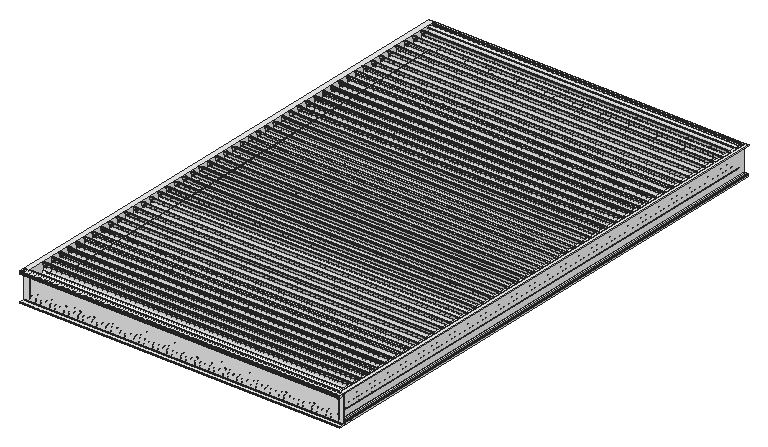
Revit family "Pottorff_EDV-545-MD_R20", category Mechanical Equipment, host Face, Revit 2020
Family settings
  Host = Face
  Round Connector Dimension = Use Diameter
  Part Type = Normal
  Cut with Voids When Loaded = No
  Shared = No
  Room Calculation Point = No
Parameters (values of type "60" x 96"")
  Width Control = if(Width < Minimum Width, Minimum Width, (if(Width > Maximum Width, Maximum Width, Width)))  # 60"
  Width = 60"
  Wall Depth [instance] = 18"
  Offset_Vertical = 1"  # constant formula
  Velocity @ .15 in.wg. Pressure Loss = "666 fpm"  # constant formula
  URL = "https://www.pottorff.com/"
  Pressure Loss = ".55 in. wg"  # constant formula
  Screen = "1/2'' x 0.063'' expanded and flattened aluminum."  # constant formula
  Product URL = ""
  Revit Components [instance] = "www.commensestudio.com"
  Offset_Top = 2 3/8"  # constant formula
  Offset_Bottom = 1"  # constant formula
  Mullion = "Visible"  # constant formula
  Modeled By = "Commense Studio"  # constant formula
  Model = "EDV-545-MD"  # constant formula
  Minimum Width = 12"  # constant formula
  Minimum Height = 12"  # constant formula
  Maximum Width = 60"  # constant formula
  Maximum Height = 96"  # constant formula
  Louver Placement from Face [instance] = 1"
  Height Control = if(Height < Minimum Height, Minimum Height, (if(Height > Maximum Height, Maximum Height, Height)))  # 96"
  Free Area Velocity = "1250 fpm"  # constant formula
  Free Area (48" x 48") = "8.03 ft² 50.2%"  # constant formula
  Design Load = "100 psf"  # constant formula
  Blades (Front) = "45° x .08'' thick horizontal J style."  # constant formula
  Blade Height = Height Control - 2"  # 94"
  Array Control_V = (Width Control - 2 * Offset_Vertical) / 7/8"  # 66
  Air Volume Delivered = "10,038 cfm"  # constant formula
  Material = "Mill finish 6005A-T5 extruded aluminum."  # constant formula
  Manufacturer = "Pottorff"  # constant formula
  Aluminum [instance] = Aluminum
  Blade Width = Width Control - (2 * Offset_Vertical)  # 58"
  Frame = "5-3/8'' deep x 0.081'' thick channel."  # constant formula
  Description = "The EDV-545-MD dual-module louver is engineered and tested to withstand extreme loads, debris impact, and cyclic fatigue associated with the severe weather effects of hurricanes (Miami-Dade County approval NOA No. 22-0118.04) while maintaining maximum water infiltration resistance at a minimum louver depth. The front (exterior) side of the louver features horizontal J-style blades for a pleasant architectural appearance. The (interior) side features vertical chevron blades which provide superior resistance to wind-driven rain. For installation, the EDV-545-MD offers a continuous angle. The EDV-545-MD is AMCA 540 and 550 listed, making it ideally suited for use in hurricane-prone and wind-borne debris regions as per the International Building Code."  # constant formula
  Height = 120"
  Depth = 5 3/8"  # constant formula
  Default Elevation = 0"
  Blades (Rear) = "45° x .05'' thick vertical chevron style."  # constant formula
  Assembly Code = "B3020300"
  Array Control 2 = if(Array Control_H < 2, 2, Array Control_H)  # 47
  Array Control_H = (Height Control - 5 3/8") / 1 15/16"  # 47
Types (2): name | Width Control | Width | Wall Depth | Height Control | Blade Height | Array Control_V | Blade Width | Height | Array Control 2 | Array Control_H
  60" x 96" | 60" | 60" | 18" | 96" | 94" | 66 | 58" | 120" | 47 | 47
  30" x 48" | 36" | 36" | 12" | 48" | 46" | 39 | 34" | 48" | 22 | 22
Reference planes (in)
  plane 1 "Center (Front/Back)": y = 0
  plane 2: z = 0
  plane 3 "Center (Left/Right)": x = 0
  plane 4 "L": x = -30
  plane 5 "R": x = 30
  plane 6 "B": y = 48
  plane 7 "F": y = -48
  plane 8 "Framing Sweeps": z = -1
  plane 9: x = -29
  plane 10: x = 29
  plane 11 "blade": z = -1
  plane 12 "Blade": y = -47
  plane 13: y = 45.625
  plane 14: z = -6.375
  plane 15: z = -18
  plane 16: y = -45.0625
  plane 17 "rear blade": z = -3.49792
Forms (in)
  Sweep 1, solid, material "Aluminum" <- "Aluminum"
    path origin (0, 0, -1) x (-1, 0, 0) y (0, -1, 0)
      loop
        line (30, 48) -> (-30, 48)
    profile "Profile - EDV_Horiz : 5 3/8 x 1" origin (0, -48, -1) x (0, 1, 0) y (0, 0, 1)
      loop
        line (0.90625, -0.21875) -> (0.90625, -5.15625)
        arc (0.90625, -5.15625) -> (0.86964, -5.24464) -> (0.78125, -5.28125) r 0.125
        line (0.78125, -5.28125) -> (0, -5.28125) -> (0, -5.375) -> (4.5, -5.375) -> (4.5, -5.28125) -> (1, -5.28125) -> (1, 0) -> (0, 0) -> (0, -0.18652)
        arc (0, -0.18652) -> (0.04688, -0.2334) -> (0.09375, -0.18652) r 0.04688
        line (0.09375, -0.18652) -> (0.13839, -0.18652)
        arc (0.13839, -0.18652) -> (0.16438, -0.177) -> (0.17806, -0.15294) r 0.04022
        arc (0.17806, -0.15294) -> (0.24283, -0.09809) -> (0.30767, -0.15286) r 0.06571
        arc (0.30767, -0.15286) -> (0.32142, -0.17698) -> (0.34748, -0.18652) r 0.04038
        line (0.34748, -0.18652) -> (0.40625, -0.18652) -> (0.40625, -0.25857)
        arc (0.40625, -0.25857) -> (0.39527, -0.28813) -> (0.36766, -0.30338) r 0.04531
        arc (0.36766, -0.30338) -> (0.31358, -0.32152) -> (0.26898, -0.35707) r 0.16416
        line (0.26898, -0.35707) -> (0.09333, -0.35707)
        arc (0.09333, -0.35707) -> (0.04374, -0.31656) -> (0, -0.36333) r 0.04688
        line (0, -0.36333) -> (0, -0.51883)
        arc (0, -0.51883) -> (0.04688, -0.5657) -> (0.09375, -0.51883) r 0.04688
        line (0.09375, -0.51883) -> (0.09375, -0.45082) -> (0.30163, -0.45082)
        arc (0.30163, -0.45082) -> (0.31783, -0.44624) -> (0.32924, -0.43386) r 0.03097
        arc (0.32924, -0.43386) -> (0.35083, -0.40862) -> (0.38158, -0.39609) r 0.07041
        arc (0.38158, -0.39609) -> (0.46632, -0.34931) -> (0.5, -0.25857) r 0.13906
        line (0.5, -0.25857) -> (0.5, -0.15625)
        arc (0.5, -0.15625) -> (0.51831, -0.11206) -> (0.5625, -0.09375) r 0.0625
        line (0.5625, -0.09375) -> (0.78125, -0.09375)
        arc (0.78125, -0.09375) -> (0.86964, -0.13036) -> (0.90625, -0.21875) r 0.125
  Sweep 2, solid, material "Aluminum" <- "Aluminum"
    path origin (0, 0, -1) x (-1, 0, 0) y (0, -1, 0)
      loop
        line (29, -48) -> (-29, -48)
    profile "Profile - EDV_Top : 5 3/8 x 1" origin (0, 48, -1) x (0, 1, 0) y (0, 0, 1)
      loop
        arc (-0.90625, -0.85608) -> (-0.88922, -0.7454) -> (-0.83969, -0.64497) r 0.36805
        line (-0.83969, -0.64497) -> (-0.63798, -0.3569)
        arc (-0.63798, -0.3569) -> (-0.55031, -0.31071) -> (-0.46173, -0.35516) r 0.10834
        arc (-0.46173, -0.35516) -> (-0.40573, -0.42465) -> (-0.3204, -0.45082) r 0.15224
        line (-0.3204, -0.45082) -> (-0.16176, -0.45082)
        arc (-0.16176, -0.45082) -> (-0.14184, -0.49891) -> (-0.09375, -0.51883) r 0.06801
        arc (-0.09375, -0.51883) -> (-0.04688, -0.5657) -> (0, -0.51883) r 0.04688
        line (0, -0.51883) -> (0, -0.36333)
        arc (0, -0.36333) -> (-0.04374, -0.31656) -> (-0.09333, -0.35707) r 0.04688
        line (-0.09333, -0.35707) -> (-0.26898, -0.35707)
        arc (-0.26898, -0.35707) -> (-0.31358, -0.32152) -> (-0.36766, -0.30338) r 0.16416
        arc (-0.36766, -0.30338) -> (-0.39527, -0.28813) -> (-0.40625, -0.25857) r 0.04531
        line (-0.40625, -0.25857) -> (-0.40625, -0.18652) -> (-0.34748, -0.18652)
        arc (-0.34748, -0.18652) -> (-0.32142, -0.17698) -> (-0.30767, -0.15286) r 0.04038
        arc (-0.30767, -0.15286) -> (-0.24283, -0.09809) -> (-0.17806, -0.15294) r 0.06571
        arc (-0.17806, -0.15294) -> (-0.16438, -0.177) -> (-0.13839, -0.18652) r 0.04022
        line (-0.13839, -0.18652) -> (-0.09375, -0.18652)
        arc (-0.09375, -0.18652) -> (-0.04688, -0.2334) -> (0, -0.18652) r 0.04688
        line (0, -0.18652) -> (0, 0) -> (-0.38457, 0)
        arc (-0.38457, 0) -> (-0.4892, -0.0256) -> (-0.57018, -0.09662) r 0.22658
        line (-0.57018, -0.09662) -> (-0.91648, -0.5912)
        arc (-0.91648, -0.5912) -> (-0.97863, -0.71721) -> (-1, -0.85608) r 0.4618
        line (-1, -0.85608) -> (-1, -2.15625) -> (-2.01917, -2.15625)
        arc (-2.01917, -2.15625) -> (-1.90418, -2.10434) -> (-1.79223, -2.04617) r 2.28842
        arc (-1.79223, -2.04617) -> (-1.57827, -1.85889) -> (-1.46041, -1.60012) r 0.675
        arc (-1.46041, -1.60012) -> (-1.42546, -1.40157) -> (-1.40685, -1.20083) r 2.46503
        arc (-1.40685, -1.20083) -> (-1.26951, -0.56249) -> (-0.93791, 0) r 2.04442
        line (-0.93791, 0) -> (-1.746, 0) -> (-1.61134, -0.28877)
        arc (-1.61134, -0.28877) -> (-1.55998, -0.24428) -> (-1.56033, -0.17633) r 0.08131
        line (-1.56033, -0.17633) -> (-1.59884, -0.09375) -> (-1.12634, -0.09375)
        arc (-1.12634, -0.09375) -> (-1.38986, -0.61893) -> (-1.50047, -1.196) r 2.13817
        arc (-1.50047, -1.196) -> (-1.51838, -1.3891) -> (-1.552, -1.5801) r 2.37128
        arc (-1.552, -1.5801) -> (-1.65349, -1.80293) -> (-1.83773, -1.9642) r 0.58125
        arc (-1.83773, -1.9642) -> (-2.0618, -2.07245) -> (-2.29667, -2.15464) r 2.19467
        arc (-2.29667, -2.15464) -> (-2.33139, -2.20816) -> (-2.28324, -2.25) r 0.04863
        line (-2.28324, -2.25) -> (-1, -2.25) -> (-1, -5.28125) -> (-2.25, -5.28125) -> (-2.25, -5.375) -> (0, -5.375) -> (0, -5.28125) -> (-0.78125, -5.28125)
        arc (-0.78125, -5.28125) -> (-0.86964, -5.24464) -> (-0.90625, -5.15625) r 0.125
        line (-0.90625, -5.15625) -> (-0.90625, -0.85608)
  Sweep 3, solid, material "Aluminum" <- "Aluminum"
    path origin (0, 0, -1) x (-1, 0, 0) y (0, -1, 0)
      loop
        line (30, -48) -> (30, 47)
    profile "Profile - EDV_Vert : 5 3/8 x 1" origin (-30, 0.5, -1) x (1, 0, 0) y (0, 0, 1)
      loop
        arc (0.875, -4.73668) -> (0.85669, -4.78088) -> (0.8125, -4.79918) r 0.0625
        line (0.8125, -4.79918) -> (0.46875, -4.79918)
        arc (0.46875, -4.79918) -> (0.42456, -4.81749) -> (0.40625, -4.86168) r 0.0625
        line (0.40625, -4.86168) -> (0.40625, -4.92418) -> (0.09375, -4.92418) -> (0.09375, -4.85617)
        arc (0.09375, -4.85617) -> (0.04687, -4.8093) -> (0, -4.85617) r 0.04688
        line (0, -4.85617) -> (0, -5.01167)
        arc (0, -5.01167) -> (0.04374, -5.05844) -> (0.09333, -5.01793) r 0.04688
        line (0.09333, -5.01793) -> (0.40625, -5.01793) -> (0.40625, -5.18848) -> (0.34748, -5.18848)
        arc (0.34748, -5.18848) -> (0.32142, -5.19802) -> (0.30767, -5.22214) r 0.04038
        arc (0.30767, -5.22214) -> (0.24283, -5.27691) -> (0.17806, -5.22206) r 0.06571
        arc (0.17806, -5.22206) -> (0.16438, -5.198) -> (0.13839, -5.18848) r 0.04022
        line (0.13839, -5.18848) -> (0.09375, -5.18848)
        arc (0.09375, -5.18848) -> (0.04687, -5.1416) -> (0, -5.18848) r 0.04688
        line (0, -5.18848) -> (0, -5.375) -> (1, -5.375) -> (1, -5.2037)
        arc (1, -5.2037) -> (0.94085, -5.21556) -> (0.8949, -5.25466) r 0.12026
        arc (0.8949, -5.25466) -> (0.87257, -5.27421) -> (0.84375, -5.28125) r 0.0625
        line (0.84375, -5.28125) -> (0.64062, -5.28125)
        arc (0.64062, -5.28125) -> (0.59643, -5.26294) -> (0.57812, -5.21875) r 0.0625
        line (0.57812, -5.21875) -> (0.57812, -4.92418) -> (1, -4.92418) -> (1, 0) -> (0, 0) -> (0, -0.125) -> (0.75, -0.125)
        arc (0.75, -0.125) -> (0.83839, -0.16161) -> (0.875, -0.25) r 0.125
        line (0.875, -0.25) -> (0.875, -4.73668)
  Sweep 4, solid, material "Aluminum" <- "Aluminum"
    path origin (0, 0, -1) x (-1, 0, 0) y (0, -1, 0)
      loop
        line (-30, -48) -> (-30, 47)
    profile "Profile - EDV_Vert : 5 3/8 x 1" origin (30, 0.5, -1) x (1, 0, 0) y (0, 0, 1)
      loop
        line (-0.875, -4.73668) -> (-0.875, -0.25)
        arc (-0.875, -0.25) -> (-0.83839, -0.16161) -> (-0.75, -0.125) r 0.125
        line (-0.75, -0.125) -> (0, -0.125) -> (0, 0) -> (-1, 0) -> (-1, -4.92418) -> (-0.57813, -4.92418) -> (-0.57813, -5.21875)
        arc (-0.57813, -5.21875) -> (-0.59643, -5.26294) -> (-0.64063, -5.28125) r 0.0625
        line (-0.64063, -5.28125) -> (-0.84375, -5.28125)
        arc (-0.84375, -5.28125) -> (-0.87257, -5.27421) -> (-0.8949, -5.25466) r 0.0625
        arc (-0.8949, -5.25466) -> (-0.94085, -5.21556) -> (-1, -5.2037) r 0.12026
        line (-1, -5.2037) -> (-1, -5.375) -> (0, -5.375) -> (0, -5.18848)
        arc (0, -5.18848) -> (-0.04688, -5.1416) -> (-0.09375, -5.18848) r 0.04688
        line (-0.09375, -5.18848) -> (-0.13839, -5.18848)
        arc (-0.13839, -5.18848) -> (-0.16438, -5.198) -> (-0.17806, -5.22206) r 0.04022
        arc (-0.17806, -5.22206) -> (-0.24283, -5.27691) -> (-0.30767, -5.22214) r 0.06571
        arc (-0.30767, -5.22214) -> (-0.32142, -5.19802) -> (-0.34748, -5.18848) r 0.04038
        line (-0.34748, -5.18848) -> (-0.40625, -5.18848) -> (-0.40625, -5.01793) -> (-0.09333, -5.01793)
        arc (-0.09333, -5.01793) -> (-0.04374, -5.05844) -> (0, -5.01167) r 0.04688
        line (0, -5.01167) -> (0, -4.85617)
        arc (0, -4.85617) -> (-0.04688, -4.8093) -> (-0.09375, -4.85617) r 0.04688
        line (-0.09375, -4.85617) -> (-0.09375, -4.92418) -> (-0.40625, -4.92418) -> (-0.40625, -4.86168)
        arc (-0.40625, -4.86168) -> (-0.42456, -4.81749) -> (-0.46875, -4.79918) r 0.0625
        line (-0.46875, -4.79918) -> (-0.8125, -4.79918)
        arc (-0.8125, -4.79918) -> (-0.85669, -4.78088) -> (-0.875, -4.73668) r 0.0625
  Extrusion 5, void
    sketch origin (10.61611, 0, 0) x (0, 0, 1) y (0, -1, 0)
      loop
        line (0, 48) -> (-18, 48) -> (-18, -48) -> (0, -48) -> (0, 48)
    from -40.61611 to 19.38389
Cuts and joins
  joined: Sweep 1, Sweep 3, Sweep 4
Lines and regions (in)
  symbolic lines
    curve 1: line (-30, 48, -1) -> (30, 48, -1)
    curve 2: line (-30, -48, -1) -> (-30, 48, -1)
    curve 3: line (30, -48, -1) -> (-30, -48, -1)
    curve 4: line (30, 48, -1) -> (30, -48, -1)
    curve 5: line (-29.5, 47.5, -1) -> (29.5, 47.5, -1)
    curve 6: line (29.5, 47.5, -1) -> (29.5, -47.5, -1)
    curve 7: line (29.5, -47.5, -1) -> (-29.5, -47.5, -1)
    curve 8: line (-29.5, -47.5, -1) -> (-29.5, 47.5, -1)
Dimensions and locks (in)
  equal spacing: plane 4 "L", plane 3 "Center (Left/Right)", plane 5 "R"
  "Width Control": plane 4 "L" to plane 5 "R"
  equal spacing: plane 7 "F", plane 1 "Center (Front/Back)", plane 6 "B"
  "Height Control": plane 7 "F" to plane 6 "B"
  "Louver Placement from Face": level to plane 8 "Framing Sweeps"
  "Offset_Vertical": plane 4 "L" to plane 9
  "Offset_Vertical": plane 10 to plane 5 "R"
  "Offset_Bottom": plane 7 "F" to plane 12 "Blade"
  "Offset_Top": plane 13 to plane 6 "B"
  plane 8 "Framing Sweeps" to plane 11 "blade" = 0"
  "Wall Depth": level to plane 15
  "Depth": plane 8 "Framing Sweeps" to plane 14
  plane 12 "Blade" to plane 13 = 92 5/8"
  locked: plane 12 "Blade" to plane 16 at 1.9375
  equal spacing: group 1, group 3, group 4, group 5, group 6, group 7, group 8, group 9, group 10, group 11, group 12, group 13, group 14, group 15, group 16, group 17, group 18, group 19, group 20, group 21, group 22, group 23, group 24, group 25, group 26, group 27, group 28, group 29, group 30, group 31, group 32, group 33, group 34, group 35, group 36, group 37, group 38, group 39, group 40, group 41, group 42, group 43, group 44, group 45, group 46, group 47, group 2  (x3)
  locked: plane 17 "rear blade" to plane 11 "blade" at 2.49792
  equal spacing: group 49, group 113, group 112, group 111, group 110, group 109, group 108, group 107, group 106, group 105, group 104, group 103, group 102, group 101, group 100, group 99, group 98, group 97, group 96, group 95, group 94, group 93, group 92, group 91, group 90, group 89, group 88, group 87, group 86, group 85, group 84, group 83, group 82, group 81, group 80, group 79, group 78, group 77, group 76, group 75, group 74, group 73, group 72, group 71, group 70, group 69, group 68, group 67, group 66, group 65, group 64, group 63, group 62, group 61, group 60, group 59, group 58, group 57, group 56, group 55, group 54, group 53, group 52, group 51, group 50, group 48
  equal spacing: group 48, group 50, group 51, group 52, group 53, group 54, group 55, group 56, group 57, group 58, group 59, group 60, group 61, group 62, group 63, group 64, group 65, group 66, group 67, group 68, group 69, group 70, group 71, group 72, group 73, group 74, group 75, group 76, group 77, group 78, group 79, group 80, group 81, group 82, group 83, group 84, group 85, group 86, group 87, group 88, group 89, group 90, group 91, group 92, group 93, group 94, group 95, group 96, group 97, group 98, group 99, group 100, group 101, group 102, group 103, group 104, group 105, group 106, group 107, group 108, group 109, group 110, group 111, group 112, group 113, group 49  (x2)
  aligned and locked: plane 2 to host face
  aligned and locked: level to host face
  aligned and locked: plane 6 "B" to Sweep 2 sketch curve
  aligned and locked: Sweep 4 sketch curve to plane 5 "R"
  aligned and locked: plane 9 to Sweep 2 sketch curve
  aligned and locked: Sweep 2 sketch curve to plane 10
  aligned and locked: plane 15 to Extrusion 5
  aligned and locked: plane 7 "F" to Extrusion 5
  aligned and locked: Extrusion 5 to plane 4 "L"
  aligned and locked: plane 5 "R" to Extrusion 5
  aligned and locked: plane 12 "Blade" to Sweep 3 sketch curve
  aligned and locked: plane 12 "Blade" to Sweep 4 sketch curve
  aligned and locked: nested 1 to plane 16
  aligned and locked: plane 11 "blade" to nested 1
  aligned and locked: plane 13 to nested 2
  aligned and locked: plane 11 "blade" to nested 2
  aligned and locked: plane 3 "Center (Left/Right)" to nested 1
  aligned and locked: plane 3 "Center (Left/Right)" to nested 2
  aligned and locked: plane 10 to nested 48
  aligned and locked: nested 48 to plane 17 "rear blade"
  aligned and locked: nested 49 to plane 9
  aligned and locked: nested 49 to plane 17 "rear blade"
  aligned and locked: plane 1 "Center (Front/Back)" to nested 48
  aligned and locked: plane 1 "Center (Front/Back)" to nested 49
Automatic sketch dimensions
  host sketch curve to host sketch curve = 96"
  host sketch curve to host sketch curve = 158.30898"
  curve 1 to plane 5 "R" = 0"
  curve 2 to plane 4 "L" = 0"
  plane 6 "B" to curve 1 = 0"
  plane 7 "F" to curve 3 = 0"
  curve 7 to plane 5 "R" = 1/2"
  plane 4 "L" to curve 7 = 1/2"
  plane 6 "B" to curve 5 = 1/2"
  curve 8 to plane 7 "F" = 1/2"
  Sweep 4 sketch curve to plane 6 "B" = 0"
  Sweep 3 sketch curve to plane 4 "L" = 0"
  Sweep 3 sketch curve to plane 6 "B" = 0"
  Sweep 1 sketch curve to plane 5 "R" = 0"
  Sweep 1 sketch curve to plane 4 "L" = 0"
  plane 7 "F" to Sweep 1 sketch curve = 0"
  Extrusion 5 sketch curve to level = 0"
  Extrusion 5 sketch curve to plane 6 "B" = 0"
  Extrusion 5 sketch curve to plane 11 "blade" = 17"
  Extrusion 5 sketch curve to plane 7 "F" = 0"
Nested families (in)
  nested 1: "Blade_J-Style 2.25in_45 deg" at (0, -45.0625, -1), type "Blade_Chevron & J-Style 5in_45 deg"
    with W 58"
  nested 2: "Blade_J-Style 2.25in_45 deg" at (0, 43.6875, -1), type "Blade_Chevron & J-Style 5in_45 deg"
    with W 58"
  nested 3: "Blade_J-Style 2.25in_45 deg" at (0, -43.13315, -1), type "Blade_Chevron & J-Style 5in_45 deg"
    with W 58"
  nested 4: "Blade_J-Style 2.25in_45 deg" at (0, -41.2038, -1), type "Blade_Chevron & J-Style 5in_45 deg"
    with W 58"
  nested 5: "Blade_J-Style 2.25in_45 deg" at (0, -39.27446, -1), type "Blade_Chevron & J-Style 5in_45 deg"
    with W 58"
  nested 6: "Blade_J-Style 2.25in_45 deg" at (0, -37.34511, -1), type "Blade_Chevron & J-Style 5in_45 deg"
    with W 58"
  nested 7: "Blade_J-Style 2.25in_45 deg" at (0, -35.41576, -1), type "Blade_Chevron & J-Style 5in_45 deg"
    with W 58"
  nested 8: "Blade_J-Style 2.25in_45 deg" at (0, -33.48641, -1), type "Blade_Chevron & J-Style 5in_45 deg"
    with W 58"
  nested 9: "Blade_J-Style 2.25in_45 deg" at (0, -31.55707, -1), type "Blade_Chevron & J-Style 5in_45 deg"
    with W 58"
  nested 10: "Blade_J-Style 2.25in_45 deg" at (0, -29.62772, -1), type "Blade_Chevron & J-Style 5in_45 deg"
    with W 58"
  nested 11: "Blade_J-Style 2.25in_45 deg" at (0, -27.69837, -1), type "Blade_Chevron & J-Style 5in_45 deg"
    with W 58"
  nested 12: "Blade_J-Style 2.25in_45 deg" at (0, -25.76902, -1), type "Blade_Chevron & J-Style 5in_45 deg"
    with W 58"
  nested 13: "Blade_J-Style 2.25in_45 deg" at (0, -23.83967, -1), type "Blade_Chevron & J-Style 5in_45 deg"
    with W 58"
  nested 14: "Blade_J-Style 2.25in_45 deg" at (0, -21.91033, -1), type "Blade_Chevron & J-Style 5in_45 deg"
    with W 58"
  nested 15: "Blade_J-Style 2.25in_45 deg" at (0, -19.98098, -1), type "Blade_Chevron & J-Style 5in_45 deg"
    with W 58"
  nested 16: "Blade_J-Style 2.25in_45 deg" at (0, -18.05163, -1), type "Blade_Chevron & J-Style 5in_45 deg"
    with W 58"
  nested 17: "Blade_J-Style 2.25in_45 deg" at (0, -16.12228, -1), type "Blade_Chevron & J-Style 5in_45 deg"
    with W 58"
  nested 18: "Blade_J-Style 2.25in_45 deg" at (0, -14.19293, -1), type "Blade_Chevron & J-Style 5in_45 deg"
    with W 58"
  nested 19: "Blade_J-Style 2.25in_45 deg" at (0, -12.26359, -1), type "Blade_Chevron & J-Style 5in_45 deg"
    with W 58"
  nested 20: "Blade_J-Style 2.25in_45 deg" at (0, -10.33424, -1), type "Blade_Chevron & J-Style 5in_45 deg"
    with W 58"
  nested 21: "Blade_J-Style 2.25in_45 deg" at (0, -8.40489, -1), type "Blade_Chevron & J-Style 5in_45 deg"
    with W 58"
  nested 22: "Blade_J-Style 2.25in_45 deg" at (0, -6.47554, -1), type "Blade_Chevron & J-Style 5in_45 deg"
    with W 58"
  nested 23: "Blade_J-Style 2.25in_45 deg" at (0, -4.5462, -1), type "Blade_Chevron & J-Style 5in_45 deg"
    with W 58"
  nested 24: "Blade_J-Style 2.25in_45 deg" at (0, -2.61685, -1), type "Blade_Chevron & J-Style 5in_45 deg"
    with W 58"
  nested 25: "Blade_J-Style 2.25in_45 deg" at (0, -0.6875, -1), type "Blade_Chevron & J-Style 5in_45 deg"
    with W 58"
  nested 26: "Blade_J-Style 2.25in_45 deg" at (0, 1.24185, -1), type "Blade_Chevron & J-Style 5in_45 deg"
    with W 58"
  nested 27: "Blade_J-Style 2.25in_45 deg" at (0, 3.1712, -1), type "Blade_Chevron & J-Style 5in_45 deg"
    with W 58"
  nested 28: "Blade_J-Style 2.25in_45 deg" at (0, 5.10054, -1), type "Blade_Chevron & J-Style 5in_45 deg"
    with W 58"
  nested 29: "Blade_J-Style 2.25in_45 deg" at (0, 7.02989, -1), type "Blade_Chevron & J-Style 5in_45 deg"
    with W 58"
  nested 30: "Blade_J-Style 2.25in_45 deg" at (0, 8.95924, -1), type "Blade_Chevron & J-Style 5in_45 deg"
    with W 58"
  nested 31: "Blade_J-Style 2.25in_45 deg" at (0, 10.88859, -1), type "Blade_Chevron & J-Style 5in_45 deg"
    with W 58"
  nested 32: "Blade_J-Style 2.25in_45 deg" at (0, 12.81793, -1), type "Blade_Chevron & J-Style 5in_45 deg"
    with W 58"
  nested 33: "Blade_J-Style 2.25in_45 deg" at (0, 14.74728, -1), type "Blade_Chevron & J-Style 5in_45 deg"
    with W 58"
  nested 34: "Blade_J-Style 2.25in_45 deg" at (0, 16.67663, -1), type "Blade_Chevron & J-Style 5in_45 deg"
    with W 58"
  nested 35: "Blade_J-Style 2.25in_45 deg" at (0, 18.60598, -1), type "Blade_Chevron & J-Style 5in_45 deg"
    with W 58"
  nested 36: "Blade_J-Style 2.25in_45 deg" at (0, 20.53533, -1), type "Blade_Chevron & J-Style 5in_45 deg"
    with W 58"
  nested 37: "Blade_J-Style 2.25in_45 deg" at (0, 22.46467, -1), type "Blade_Chevron & J-Style 5in_45 deg"
    with W 58"
  nested 38: "Blade_J-Style 2.25in_45 deg" at (0, 24.39402, -1), type "Blade_Chevron & J-Style 5in_45 deg"
    with W 58"
  nested 39: "Blade_J-Style 2.25in_45 deg" at (0, 26.32337, -1), type "Blade_Chevron & J-Style 5in_45 deg"
    with W 58"
  nested 40: "Blade_J-Style 2.25in_45 deg" at (0, 28.25272, -1), type "Blade_Chevron & J-Style 5in_45 deg"
    with W 58"
  nested 41: "Blade_J-Style 2.25in_45 deg" at (0, 30.18207, -1), type "Blade_Chevron & J-Style 5in_45 deg"
    with W 58"
  nested 42: "Blade_J-Style 2.25in_45 deg" at (0, 32.11141, -1), type "Blade_Chevron & J-Style 5in_45 deg"
    with W 58"
  nested 43: "Blade_J-Style 2.25in_45 deg" at (0, 34.04076, -1), type "Blade_Chevron & J-Style 5in_45 deg"
    with W 58"
  nested 44: "Blade_J-Style 2.25in_45 deg" at (0, 35.97011, -1), type "Blade_Chevron & J-Style 5in_45 deg"
    with W 58"
  nested 45: "Blade_J-Style 2.25in_45 deg" at (0, 37.89946, -1), type "Blade_Chevron & J-Style 5in_45 deg"
    with W 58"
  nested 46: "Blade_J-Style 2.25in_45 deg" at (0, 39.8288, -1), type "Blade_Chevron & J-Style 5in_45 deg"
    with W 58"
  nested 47: "Blade_J-Style 2.25in_45 deg" at (0, 41.75815, -1), type "Blade_Chevron & J-Style 5in_45 deg"
    with W 58"
  nested 48: "Blade_Chevron Style_2.5in" at (28.125, 0, -3.49792) x (0, -1, 0) z (0, 0, 1), type "Blade_Chevron Style_2.5in"
    with W 94"
  nested 49: "Blade_Chevron Style_2.5in" at (-29, 0, -3.49792) x (0, -1, 0) z (0, 0, 1), type "Blade_Chevron Style_2.5in"
    with W 94"
  nested 50: "Blade_Chevron Style_2.5in" at (27.24615, 0, -3.49792) x (0, -1, 0) z (0, 0, 1), type "Blade_Chevron Style_2.5in"
    with W 94"
  nested 51: "Blade_Chevron Style_2.5in" at (26.36731, 0, -3.49792) x (0, -1, 0) z (0, 0, 1), type "Blade_Chevron Style_2.5in"
    with W 94"
  nested 52: "Blade_Chevron Style_2.5in" at (25.48846, 0, -3.49792) x (0, -1, 0) z (0, 0, 1), type "Blade_Chevron Style_2.5in"
    with W 94"
  nested 53: "Blade_Chevron Style_2.5in" at (24.60962, 0, -3.49792) x (0, -1, 0) z (0, 0, 1), type "Blade_Chevron Style_2.5in"
    with W 94"
  nested 54: "Blade_Chevron Style_2.5in" at (23.73077, 0, -3.49792) x (0, -1, 0) z (0, 0, 1), type "Blade_Chevron Style_2.5in"
    with W 94"
  nested 55: "Blade_Chevron Style_2.5in" at (22.85192, 0, -3.49792) x (0, -1, 0) z (0, 0, 1), type "Blade_Chevron Style_2.5in"
    with W 94"
  nested 56: "Blade_Chevron Style_2.5in" at (21.97308, 0, -3.49792) x (0, -1, 0) z (0, 0, 1), type "Blade_Chevron Style_2.5in"
    with W 94"
  nested 57: "Blade_Chevron Style_2.5in" at (21.09423, 0, -3.49792) x (0, -1, 0) z (0, 0, 1), type "Blade_Chevron Style_2.5in"
    with W 94"
  nested 58: "Blade_Chevron Style_2.5in" at (20.21538, 0, -3.49792) x (0, -1, 0) z (0, 0, 1), type "Blade_Chevron Style_2.5in"
    with W 94"
  nested 59: "Blade_Chevron Style_2.5in" at (19.33654, 0, -3.49792) x (0, -1, 0) z (0, 0, 1), type "Blade_Chevron Style_2.5in"
    with W 94"
  nested 60: "Blade_Chevron Style_2.5in" at (18.45769, 0, -3.49792) x (0, -1, 0) z (0, 0, 1), type "Blade_Chevron Style_2.5in"
    with W 94"
  nested 61: "Blade_Chevron Style_2.5in" at (17.57885, 0, -3.49792) x (0, -1, 0) z (0, 0, 1), type "Blade_Chevron Style_2.5in"
    with W 94"
  nested 62: "Blade_Chevron Style_2.5in" at (16.7, 0, -3.49792) x (0, -1, 0) z (0, 0, 1), type "Blade_Chevron Style_2.5in"
    with W 94"
  nested 63: "Blade_Chevron Style_2.5in" at (15.82115, 0, -3.49792) x (0, -1, 0) z (0, 0, 1), type "Blade_Chevron Style_2.5in"
    with W 94"
  nested 64: "Blade_Chevron Style_2.5in" at (14.94231, 0, -3.49792) x (0, -1, 0) z (0, 0, 1), type "Blade_Chevron Style_2.5in"
    with W 94"
  nested 65: "Blade_Chevron Style_2.5in" at (14.06346, 0, -3.49792) x (0, -1, 0) z (0, 0, 1), type "Blade_Chevron Style_2.5in"
    with W 94"
  nested 66: "Blade_Chevron Style_2.5in" at (13.18462, 0, -3.49792) x (0, -1, 0) z (0, 0, 1), type "Blade_Chevron Style_2.5in"
    with W 94"
  nested 67: "Blade_Chevron Style_2.5in" at (12.30577, 0, -3.49792) x (0, -1, 0) z (0, 0, 1), type "Blade_Chevron Style_2.5in"
    with W 94"
  nested 68: "Blade_Chevron Style_2.5in" at (11.42692, 0, -3.49792) x (0, -1, 0) z (0, 0, 1), type "Blade_Chevron Style_2.5in"
    with W 94"
  nested 69: "Blade_Chevron Style_2.5in" at (10.54808, 0, -3.49792) x (0, -1, 0) z (0, 0, 1), type "Blade_Chevron Style_2.5in"
    with W 94"
  nested 70: "Blade_Chevron Style_2.5in" at (9.66923, 0, -3.49792) x (0, -1, 0) z (0, 0, 1), type "Blade_Chevron Style_2.5in"
    with W 94"
  nested 71: "Blade_Chevron Style_2.5in" at (8.79038, 0, -3.49792) x (0, -1, 0) z (0, 0, 1), type "Blade_Chevron Style_2.5in"
    with W 94"
  nested 72: "Blade_Chevron Style_2.5in" at (7.91154, 0, -3.49792) x (0, -1, 0) z (0, 0, 1), type "Blade_Chevron Style_2.5in"
    with W 94"
  nested 73: "Blade_Chevron Style_2.5in" at (7.03269, 0, -3.49792) x (0, -1, 0) z (0, 0, 1), type "Blade_Chevron Style_2.5in"
    with W 94"
  nested 74: "Blade_Chevron Style_2.5in" at (6.15385, 0, -3.49792) x (0, -1, 0) z (0, 0, 1), type "Blade_Chevron Style_2.5in"
    with W 94"
  nested 75: "Blade_Chevron Style_2.5in" at (5.275, 0, -3.49792) x (0, -1, 0) z (0, 0, 1), type "Blade_Chevron Style_2.5in"
    with W 94"
  nested 76: "Blade_Chevron Style_2.5in" at (4.39615, 0, -3.49792) x (0, -1, 0) z (0, 0, 1), type "Blade_Chevron Style_2.5in"
    with W 94"
  nested 77: "Blade_Chevron Style_2.5in" at (3.51731, 0, -3.49792) x (0, -1, 0) z (0, 0, 1), type "Blade_Chevron Style_2.5in"
    with W 94"
  nested 78: "Blade_Chevron Style_2.5in" at (2.63846, 0, -3.49792) x (0, -1, 0) z (0, 0, 1), type "Blade_Chevron Style_2.5in"
    with W 94"
  nested 79: "Blade_Chevron Style_2.5in" at (1.75962, 0, -3.49792) x (0, -1, 0) z (0, 0, 1), type "Blade_Chevron Style_2.5in"
    with W 94"
  nested 80: "Blade_Chevron Style_2.5in" at (0.88077, 0, -3.49792) x (0, -1, 0) z (0, 0, 1), type "Blade_Chevron Style_2.5in"
    with W 94"
  nested 81: "Blade_Chevron Style_2.5in" at (0.00192, 0, -3.49792) x (0, -1, 0) z (0, 0, 1), type "Blade_Chevron Style_2.5in"
    with W 94"
  nested 82: "Blade_Chevron Style_2.5in" at (-0.87692, 0, -3.49792) x (0, -1, 0) z (0, 0, 1), type "Blade_Chevron Style_2.5in"
    with W 94"
  nested 83: "Blade_Chevron Style_2.5in" at (-1.75577, 0, -3.49792) x (0, -1, 0) z (0, 0, 1), type "Blade_Chevron Style_2.5in"
    with W 94"
  nested 84: "Blade_Chevron Style_2.5in" at (-2.63462, 0, -3.49792) x (0, -1, 0) z (0, 0, 1), type "Blade_Chevron Style_2.5in"
    with W 94"
  nested 85: "Blade_Chevron Style_2.5in" at (-3.51346, 0, -3.49792) x (0, -1, 0) z (0, 0, 1), type "Blade_Chevron Style_2.5in"
    with W 94"
  nested 86: "Blade_Chevron Style_2.5in" at (-4.39231, 0, -3.49792) x (0, -1, 0) z (0, 0, 1), type "Blade_Chevron Style_2.5in"
    with W 94"
  nested 87: "Blade_Chevron Style_2.5in" at (-5.27115, 0, -3.49792) x (0, -1, 0) z (0, 0, 1), type "Blade_Chevron Style_2.5in"
    with W 94"
  nested 88: "Blade_Chevron Style_2.5in" at (-6.15, 0, -3.49792) x (0, -1, 0) z (0, 0, 1), type "Blade_Chevron Style_2.5in"
    with W 94"
  nested 89: "Blade_Chevron Style_2.5in" at (-7.02885, 0, -3.49792) x (0, -1, 0) z (0, 0, 1), type "Blade_Chevron Style_2.5in"
    with W 94"
  nested 90: "Blade_Chevron Style_2.5in" at (-7.90769, 0, -3.49792) x (0, -1, 0) z (0, 0, 1), type "Blade_Chevron Style_2.5in"
    with W 94"
  nested 91: "Blade_Chevron Style_2.5in" at (-8.78654, 0, -3.49792) x (0, -1, 0) z (0, 0, 1), type "Blade_Chevron Style_2.5in"
    with W 94"
  nested 92: "Blade_Chevron Style_2.5in" at (-9.66538, 0, -3.49792) x (0, -1, 0) z (0, 0, 1), type "Blade_Chevron Style_2.5in"
    with W 94"
  nested 93: "Blade_Chevron Style_2.5in" at (-10.54423, 0, -3.49792) x (0, -1, 0) z (0, 0, 1), type "Blade_Chevron Style_2.5in"
    with W 94"
  nested 94: "Blade_Chevron Style_2.5in" at (-11.42308, 0, -3.49792) x (0, -1, 0) z (0, 0, 1), type "Blade_Chevron Style_2.5in"
    with W 94"
  nested 95: "Blade_Chevron Style_2.5in" at (-12.30192, 0, -3.49792) x (0, -1, 0) z (0, 0, 1), type "Blade_Chevron Style_2.5in"
    with W 94"
  nested 96: "Blade_Chevron Style_2.5in" at (-13.18077, 0, -3.49792) x (0, -1, 0) z (0, 0, 1), type "Blade_Chevron Style_2.5in"
    with W 94"
  nested 97: "Blade_Chevron Style_2.5in" at (-14.05962, 0, -3.49792) x (0, -1, 0) z (0, 0, 1), type "Blade_Chevron Style_2.5in"
    with W 94"
  nested 98: "Blade_Chevron Style_2.5in" at (-14.93846, 0, -3.49792) x (0, -1, 0) z (0, 0, 1), type "Blade_Chevron Style_2.5in"
    with W 94"
  nested 99: "Blade_Chevron Style_2.5in" at (-15.81731, 0, -3.49792) x (0, -1, 0) z (0, 0, 1), type "Blade_Chevron Style_2.5in"
    with W 94"
  nested 100: "Blade_Chevron Style_2.5in" at (-16.69615, 0, -3.49792) x (0, -1, 0) z (0, 0, 1), type "Blade_Chevron Style_2.5in"
    with W 94"
  nested 101: "Blade_Chevron Style_2.5in" at (-17.575, 0, -3.49792) x (0, -1, 0) z (0, 0, 1), type "Blade_Chevron Style_2.5in"
    with W 94"
  nested 102: "Blade_Chevron Style_2.5in" at (-18.45385, 0, -3.49792) x (0, -1, 0) z (0, 0, 1), type "Blade_Chevron Style_2.5in"
    with W 94"
  nested 103: "Blade_Chevron Style_2.5in" at (-19.33269, 0, -3.49792) x (0, -1, 0) z (0, 0, 1), type "Blade_Chevron Style_2.5in"
    with W 94"
  nested 104: "Blade_Chevron Style_2.5in" at (-20.21154, 0, -3.49792) x (0, -1, 0) z (0, 0, 1), type "Blade_Chevron Style_2.5in"
    with W 94"
  nested 105: "Blade_Chevron Style_2.5in" at (-21.09038, 0, -3.49792) x (0, -1, 0) z (0, 0, 1), type "Blade_Chevron Style_2.5in"
    with W 94"
  nested 106: "Blade_Chevron Style_2.5in" at (-21.96923, 0, -3.49792) x (0, -1, 0) z (0, 0, 1), type "Blade_Chevron Style_2.5in"
    with W 94"
  nested 107: "Blade_Chevron Style_2.5in" at (-22.84808, 0, -3.49792) x (0, -1, 0) z (0, 0, 1), type "Blade_Chevron Style_2.5in"
    with W 94"
  nested 108: "Blade_Chevron Style_2.5in" at (-23.72692, 0, -3.49792) x (0, -1, 0) z (0, 0, 1), type "Blade_Chevron Style_2.5in"
    with W 94"
  nested 109: "Blade_Chevron Style_2.5in" at (-24.60577, 0, -3.49792) x (0, -1, 0) z (0, 0, 1), type "Blade_Chevron Style_2.5in"
    with W 94"
  nested 110: "Blade_Chevron Style_2.5in" at (-25.48462, 0, -3.49792) x (0, -1, 0) z (0, 0, 1), type "Blade_Chevron Style_2.5in"
    with W 94"
  nested 111: "Blade_Chevron Style_2.5in" at (-26.36346, 0, -3.49792) x (0, -1, 0) z (0, 0, 1), type "Blade_Chevron Style_2.5in"
    with W 94"
  nested 112: "Blade_Chevron Style_2.5in" at (-27.24231, 0, -3.49792) x (0, -1, 0) z (0, 0, 1), type "Blade_Chevron Style_2.5in"
    with W 94"
  nested 113: "Blade_Chevron Style_2.5in" at (-28.12115, 0, -3.49792) x (0, -1, 0) z (0, 0, 1), type "Blade_Chevron Style_2.5in"
    with W 94"
Connectors (in)
  hvac at (0, 0, -1), driven by "Height Control", driven by "Width Control"
    settings: index 1, duct flow 0 CFM, flow factor 0, pres drop 0.00 in-wg, loss coef 0, conn angle 0.00°, conn width 60", conn height 96", conn diameter 24", duct sys type 1, conn prof type 1, flow config 0, flow direction 0, loss method 0, conn ref index -1, conn util no, is conn primary yes, conn desc ""
Definition of nested family "Blade_J-Style 2.25in_45 deg"
  Parameters (values of type "Blade_Chevron & J-Style 5in_45 deg")
    W = 46 7/32"
    Default Elevation = 0"
    Blade = none
    Assembly Code = ""
  Reference planes (in)
    plane 1 "Center (Front/Back)": y = 0
    plane 2: z = 0
    plane 3 "Center (Left/Right)": x = 0
    plane 4: x = -23.10937
    plane 5: x = 23.10938
    plane 6: z = 0
    plane 7: y = 1.9375
  Forms (in)
    Sweep 1, solid, material <- "Blade"
      path origin (0, 0, 0) x (1, 0, 0) y (0, 0, -1)
        loop
          line (-23.10937, 0) -> (23.10938, 0)
      profile "Profile_Chevron & J-Style 5in_45 deg : Profile_Chevron & J-Style 5in_45 deg" origin (0, 0, 0) x (0, 0, -1) y (0, 1, 0)
        loop
          arc (2.06451, 0.40589) -> (2.05953, 0.43603) -> (2.0347, 0.45382) r 0.03991
          arc (2.0347, 0.45382) -> (2.00046, 0.65986) -> (2.17064, 0.53877) r 0.11309
          arc (2.17064, 0.53877) -> (2.20066, 0.49096) -> (2.24846, 0.52098) r 0.03991
          arc (2.24846, 0.52098) -> (2.19294, 0.70412) -> (2.00699, 0.74934) r 0.19292
          arc (2.00699, 0.74934) -> (1.83901, 0.7457) -> (1.69124, 0.82564) r 0.32828
          arc (1.69124, 0.82564) -> (0.93287, 1.18689) -> (0.1058, 1.04007) r 1.37628
          arc (0.1058, 1.04007) -> (0.08509, 1.18704) -> (0.12959, 1.32862) r 0.33664
          arc (0.12959, 1.32862) -> (0.25509, 1.50059) -> (0.41327, 1.64306) r 1.02931
          arc (0.41327, 1.64306) -> (0.46197, 1.67186) -> (0.51526, 1.69089) r 0.29656
          arc (0.51526, 1.69089) -> (0.575, 1.6736) -> (0.58924, 1.61305) r 0.06161
          arc (0.58924, 1.61305) -> (0.58615, 1.50259) -> (0.64037, 1.4063) r 0.20688
          arc (0.64037, 1.4063) -> (0.7009, 1.40617) -> (0.70104, 1.4667) r 0.0428
          arc (0.70104, 1.4667) -> (0.78698, 1.67353) -> (0.87293, 1.4667) r 0.12127
          arc (0.87293, 1.4667) -> (0.87306, 1.40617) -> (0.93359, 1.4063) r 0.0428
          arc (0.93359, 1.4063) -> (0.99052, 1.58927) -> (0.87282, 1.74049) r 0.20688
          arc (0.87282, 1.74049) -> (0.81041, 1.80183) -> (0.80201, 1.88894) r 0.12797
          arc (0.80201, 1.88894) -> (0.79333, 1.92459) -> (0.75885, 1.9371) r 0.03884
          arc (0.75885, 1.9371) -> (0.6892, 1.91992) -> (0.62424, 1.8895) r 0.36634
          arc (0.62424, 1.8895) -> (0.48616, 1.80289) -> (0.35244, 1.70971) r 3.36814
          arc (0.35244, 1.70971) -> (0.09314, 1.40402) -> (0, 1.01415) r 0.86258
          line (0, 1.01415) -> (0, 0.89105)
          arc (0, 0.89105) -> (0.26715, 1.02608) -> (0.55487, 1.10864) r 1.58998
          arc (0.55487, 1.10864) -> (0.9325, 1.1182) -> (1.294, 1.0086) r 1.18663
          arc (1.294, 1.0086) -> (1.52962, 0.86228) -> (1.7309, 0.67148) r 1.36882
          arc (1.7309, 0.67148) -> (1.9473, 0.36979) -> (2.10725, 0.03473) r 2.10249
          arc (2.10725, 0.03473) -> (2.18255, 0.00796) -> (2.19591, 0.08676) r 0.05218
          arc (2.19591, 0.08676) -> (2.13141, 0.17376) -> (2.07897, 0.26853) r 0.81728
          arc (2.07897, 0.26853) -> (2.06016, 0.33599) -> (2.06451, 0.40589) r 0.2106
  Dimensions and locks (in)
    plane 5 to plane 4 = 46 7/32"
    equal spacing: plane 4, plane 3 "Center (Left/Right)", plane 5
    "W": plane 4 to plane 5
    plane 1 "Center (Front/Back)" to plane 7 = 1 15/16"
    aligned and locked: plane 2 to level
  Automatic sketch dimensions
    Sweep 1 sketch curve to plane 4 = 0"
    Sweep 1 sketch curve to plane 5 = 0"
    level to Sweep 1 sketch curve = 0"
Definition of nested family "Blade_Chevron Style_2.5in"
  Parameters (values of type "Blade_Chevron Style_2.5in")
    W = 58"
    Default Elevation = 0"
    Blade = none
    Assembly Code = ""
  Reference planes (in)
    plane 1 "Center (Front/Back)": y = 0
    plane 2: z = 0
    plane 3 "Center (Left/Right)": x = 0
    plane 4: x = -29
    plane 5: x = 29
    plane 6: z = 0
    plane 7: y = 0.875
  Forms (in)
    Sweep 1, solid, material <- "Blade"
      path origin (0, 0, 0) x (1, 0, 0) y (0, 0, -1)
        loop
          line (-29, 0) -> (29, 0)
      profile "Profile_Chevron Blade_2.5in : Profile_Chevron Blade_2.5in" origin (0, 0, 0) x (0, 0, -1) y (0, 1, 0)
        loop
          arc (1.37628, 0.68764) -> (1.35633, 0.77202) -> (1.29181, 0.82993) r 0.145
          arc (1.29181, 0.82993) -> (1.13969, 0.87193) -> (0.98206, 0.86443) r 0.5
          arc (0.98206, 0.86443) -> (0.96658, 0.84076) -> (0.99025, 0.82527) r 0.02
          arc (0.99025, 0.82527) -> (1.05091, 0.83378) -> (1.11216, 0.83416) r 0.46
          arc (1.11216, 0.83416) -> (1.1377, 0.81599) -> (1.1326, 0.78507) r 0.0296
          arc (1.1326, 0.78507) -> (1.11035, 0.74974) -> (1.10025, 0.70922) r 0.13188
          arc (1.10025, 0.70922) -> (1.09066, 0.68903) -> (1.07017, 0.68011) r 0.03186
          arc (1.07017, 0.68011) -> (0.97452, 0.67019) -> (0.88036, 0.65062) r 0.94575
          arc (0.88036, 0.65062) -> (0.76287, 0.603) -> (0.66145, 0.52695) r 0.49197
          arc (0.66145, 0.52695) -> (0.58728, 0.4512) -> (0.51673, 0.37207) r 2.27254
          arc (0.51673, 0.37207) -> (0.40793, 0.25948) -> (0.28576, 0.16154) r 1.2356
          arc (0.28576, 0.16154) -> (0.15901, 0.09139) -> (0.02027, 0.0497) r 0.67942
          arc (0.02027, 0.0497) -> (0.00154, 0.02235) -> (0.02889, 0.00363) r 0.02344
          arc (0.02889, 0.00363) -> (0.17721, 0.04819) -> (0.3127, 0.12318) r 0.7263
          arc (0.3127, 0.12318) -> (0.43951, 0.22483) -> (0.55244, 0.3417) r 1.28248
          arc (0.55244, 0.3417) -> (0.62153, 0.4192) -> (0.69417, 0.49338) r 2.22566
          arc (0.69417, 0.49338) -> (0.78593, 0.56219) -> (0.89222, 0.60527) r 0.4451
          arc (0.89222, 0.60527) -> (1.20757, 0.63022) -> (1.51203, 0.54438) r 0.89887
          arc (1.51203, 0.54438) -> (1.62067, 0.47829) -> (1.7149, 0.3929) r 0.67135
          arc (1.7149, 0.3929) -> (1.8719, 0.2799) -> (2.06111, 0.23968) r 0.4701
          arc (2.06111, 0.23968) -> (2.25726, 0.24314) -> (2.45313, 0.25436) r 4.94991
          line (2.45313, 0.25436) -> (2.45313, 0) -> (2.5, 0) -> (2.5, 0.30526)
          arc (2.5, 0.30526) -> (2.28081, 0.29099) -> (2.06121, 0.28656) r 4.90303
          arc (2.06121, 0.28656) -> (1.89087, 0.32277) -> (1.74953, 0.4245) r 0.42323
          arc (1.74953, 0.4245) -> (1.64872, 0.51585) -> (1.53249, 0.58656) r 0.71823
          arc (1.53249, 0.58656) -> (1.47288, 0.61298) -> (1.41158, 0.63523) r 0.94575
          arc (1.41158, 0.63523) -> (1.38489, 0.65535) -> (1.37628, 0.68764) r 0.05126
  Dimensions and locks (in)
    plane 5 to plane 4 = 58"
    equal spacing: plane 4, plane 3 "Center (Left/Right)", plane 5
    "W": plane 4 to plane 5
    plane 1 "Center (Front/Back)" to plane 7 = 7/8"
    aligned and locked: plane 2 to level
  Automatic sketch dimensions
    Sweep 1 sketch curve to plane 4 = 0"
    Sweep 1 sketch curve to plane 5 = 0"
    level to Sweep 1 sketch curve = 0"
